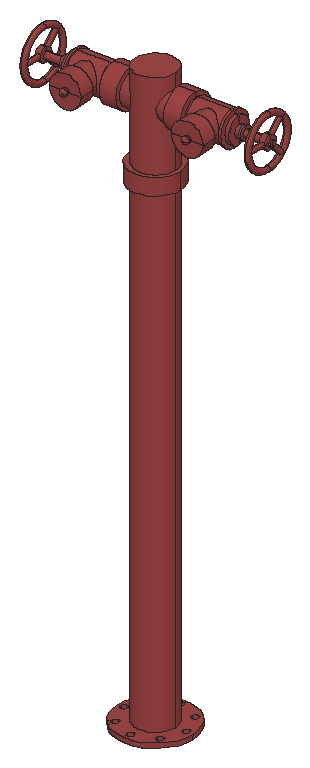
Revit family "FireFighting_Hydrant-Pipe-Riser-Kit_Galvin_100TEx1600", category Mechanical Equipment, Revit 2012
Parameters (values of type "381332")
  URL = "www.galvinengineering.com.au"
  Type Comments = "381332"
  StyleOrType_ANZRS = "Fire Fighting Equipment"
  ModifiedIssue_ANZRS = 20140330.01  # constant formula
  Model = "381332"
  Manufacturer = "Galvin Engineering"
  Keynote = "10520"
  Instructions = "http://www.galvinengineering.com.au/Installation_Guides_1.aspx"
  FlowRate = 0.00 L/s
  FilterObject_ANZRS = "381332"
  DimWidth = 668.0 mm  # constant formula
  DimHeight = 1182.0 mm  # constant formula
  DimDepth = 215.0 mm  # constant formula
  Description = "Hydrant Pipe Riser Kit with Roll Groove T-Head & Qld Valves & Caps 100TD x 1600 (Galv & Painted)"
  CreatedBy_ANZRS = "Galvin Engineering"
  CreatedByURL_ANZRS = "www.galvinengineering.com.au"
  CreatedByPhoneNo_ANZRS = "61-8-92495900"
  Assembly Code = "D4030"
Reference planes
  plane 1 "Center (Front/Back)": y = 0
  plane 2 "Ground": z = 0
  plane 3 "Center (Left/Right)": x = 0
  plane 4 "Workplane1": z = 1100
  plane 5 "Left": x = -334
  plane 6 "Right": x = 334
  plane 7 "Back": y = 107.5
  plane 8: y = -107.5
  plane 9 "Top": z = 1182
  plane 10 "Bottom": z = -500
Forms (mm)
  Extrusion 1, solid, material "Metal_Fire-Fighting_Zincalume-Steel-Powder-Coated_15400"
    sketch origin (0, 0, 0) x (1, 0, 0) y (0, 1, 0)
      loop
        circle (0, 0) r 57
    from -500 to 1182
  Extrusion 2, solid, material "Metal_Fire-Fighting_Zincalume-Steel-Powder-Coated_15400"
    sketch origin (0, 0, -500) x (-1, 0, 0) y (0, -1, 0)
      loop
        circle (0, 0) r 107.5
      loop
        circle (-0.402, -88.999) r 10
      loop
        circle (62.648, -63.216) r 10
      loop
        circle (-63.451, -63.216) r 10
      loop
        circle (-0.402, 88.999) r 10
      loop
        circle (62.648, 63.216) r 10
      loop
        circle (-63.451, 63.216) r 10
      loop
        circle (88.999, -0.402) r 10
      loop
        circle (-88.999, -0.402) r 10
    from 0 to 13
  Extrusion 3, solid, material "Metal_Fire-Fighting_Zincalume-Steel-Powder-Coated_15400"
    sketch origin (0, 0, 0) x (1, 0, 0) y (0, 1, 0)
      loop
        circle (0, 0) r 57
      loop
        circle (0, 0) r 71.5
    from 889 to 936
  Revolve 4, solid, material "Metal_Fire-Fighting_Zincalume-Steel-Powder-Coated_15400"
    sketch origin (0, 0, 0) x (1, 0, 0) y (0, 0, 1)
      loop
        line (-257.665, 1110.05) -> (-311.395, 1110.05) -> (-311.395, 1119.154) -> (-327.095, 1119.154) -> (-327.095, 1108.135) -> (-334, 1108.135) -> (-334, 1100) -> (334, 1100) -> (334, 1108.135) -> (327.095, 1108.135) -> (327.095, 1119.154) -> (311.395, 1119.154) -> (311.395, 1110.05) -> (257.665, 1110.05) -> (257.665, 1118.5) -> (251.665, 1118.5) -> (251.665, 1116.67) -> (238.1, 1116.67) -> (238.1, 1136.98) -> (226.1, 1136.98) -> (226.1, 1148.5) -> (219.6, 1148.5) -> (219.6, 1145.501) -> (122.952, 1145.501) -> (122.952, 1142.45) -> (115.153, 1142.45) -> (115.153, 1154.61) -> (68.153, 1154.61) -> (68.153, 1142.45) -> (65.765, 1142.45) -> (65.765, 1144.45) -> (-65.765, 1144.45) -> (-65.765, 1142.45) -> (-68.153, 1142.45) -> (-68.153, 1154.61) -> (-115.153, 1154.61) -> (-115.153, 1142.45) -> (-122.952, 1142.45) -> (-122.952, 1145.501) -> (-219.6, 1145.501) -> (-219.6, 1148.5) -> (-226.1, 1148.5) -> (-226.1, 1136.98) -> (-238.1, 1136.98) -> (-238.1, 1116.67) -> (-251.665, 1116.67) -> (-251.665, 1118.5) -> (-257.665, 1118.5) -> (-257.665, 1110.05)
      axis (334, 1100) -> (-334, 1100)
    angle from 0 to 360
  Revolve 5, solid, material "Metal_Fire-Fighting_Zincalume-Steel-Powder-Coated_15400"
    sketch origin (0, 0, 1100) x (-1, 0, 0) y (0, -1, 0)
      loop
        line (164.689, 103.268) -> (128.189, 103.268) -> (128.189, 63.268) -> (132.689, 63.268) -> (132.689, 17.344) -> (173.689, 17.344) -> (173.689, 118.268)
        arc (173.689, 118.268) -> (167.381, 115.688) -> (164.689, 109.427) r 9.001
        line (164.689, 109.427) -> (164.689, 103.268)
      axis (173.689, 17.344) -> (173.689, 118.268)
    angle from 0 to 360
  Revolve 6, solid, material "Metal_Fire-Fighting_Zincalume-Steel-Powder-Coated_15400"
    sketch origin (0, 0, 1100) x (1, 0, 0) y (0, -1, 0)
      loop
        line (164.689, 103.268) -> (128.189, 103.268) -> (128.189, 63.268) -> (132.689, 63.268) -> (132.689, 17.344) -> (173.689, 17.344) -> (173.689, 118.268)
        arc (173.689, 118.268) -> (167.381, 115.688) -> (164.689, 109.427) r 9.001
        line (164.689, 109.427) -> (164.689, 103.268)
      axis (173.689, 17.344) -> (173.689, 118.268)
    angle from 0 to 360
  Sweep 7, solid, material "Metal_Fire-Fighting_Zincalume-Steel-Powder-Coated_15400"
    path origin (-139.219, 0, 1246.8) x (0, 0, 1) y (0, 1, 0)
      loop
        circle (-146.8, 0) r 70
    profile origin (-139.219, 0, 1170) x (0, 0, -1) y (-1, 0, 0)
      loop
        circle (0, 180) r 7.5
  Extrusion 8, solid, material "Metal_Fire-Fighting_Zincalume-Steel-Powder-Coated_15400"
    sketch origin (-139.219, 0, 1246.8) x (0, 0, 1) y (-1, 0, 0)
      loop
        circle (-146.8, 180) r 7
    from 0 to 70
  Extrusion 9, solid, material "Metal_Fire-Fighting_Zincalume-Steel-Powder-Coated_15400"
    sketch origin (-139.219, 0, 1100) x (0, 0.707107, -0.707107) y (-1, 0, 0)
      loop
        circle (0, 180) r 7
    from 0 to 70
  Extrusion 10, solid, material "Metal_Fire-Fighting_Zincalume-Steel-Powder-Coated_15400"
    sketch origin (-139.219, 0, 1100) x (0, 0.707107, 0.707107) y (1, 0, 0)
      loop
        circle (0, -180) r 7
    from 0 to 70
  Sweep 11, solid, material "Metal_Fire-Fighting_Zincalume-Steel-Powder-Coated_15400"
    path origin (139.219, 0, 1246.8) x (0, 0, 1) y (0, -1, 0)
      loop
        circle (-146.8, 0) r 70
    profile origin (139.219, 0, 1170) x (0, 0, 1) y (1, 0, 0)
      loop
        circle (0, 180) r 7.5
  Extrusion 12, solid, material "Metal_Fire-Fighting_Zincalume-Steel-Powder-Coated_15400"
    sketch origin (139.219, 0, 1246.8) x (0, 0, 1) y (-1, 0, 0)
      loop
        circle (-146.8, -180) r 7
    from 0 to 70
  Extrusion 13, solid, material "Metal_Fire-Fighting_Zincalume-Steel-Powder-Coated_15400"
    sketch origin (139.219, 0, 1100) x (0, 0.707107, -0.707107) y (-1, 0, 0)
      loop
        circle (0, -180) r 7
    from 0 to 70
  Extrusion 14, solid, material "Metal_Fire-Fighting_Zincalume-Steel-Powder-Coated_15400"
    sketch origin (139.219, 0, 1100) x (0, 0.707107, 0.707107) y (1, 0, 0)
      loop
        circle (0, 180) r 7
    from 0 to 70
Cuts and joins
  joined: Extrusion 1, Extrusion 2, Revolve 4, Revolve 5, Revolve 6, Sweep 7, Extrusion 8, Extrusion 9, Extrusion 10
Lines and regions (mm)
  symbolic lines, detail levels medium+fine
    curve 1: line (-71.5, -300, 936) -> (-92.302, -300, 921.53)
    curve 2: line (-71.5, -300, 889) -> (-92.302, -300, 903.47)
    curve 3: arc (-92.302, -300, 903.47) -> (-97.021, -300, 912.5) -> (-92.302, -300, 921.53) r 11
    curve 4: circle (-85, -300, 912.5) r 8 normal (0, 1, 0)
    curve 5: line (71.5, -300, 936) -> (92.302, -300, 921.53)
    curve 6: line (71.5, -300, 889) -> (92.302, -300, 903.47)
    curve 7: arc (92.302, -300, 903.47) -> (97.021, -300, 912.5) -> (92.302, -300, 921.53) r 11
    curve 8: circle (85, -300, 912.5) r 8 normal (0, -1, 0)
    curve 9: line (-68.153, -300, 1154.61) -> (-79.683, -300, 1176.916)
    curve 10: line (-115.153, -300, 1154.61) -> (-103.624, -300, 1176.916)
    curve 11: arc (-103.624, -300, 1176.916) -> (-91.653, -300, 1183.656) -> (-79.683, -300, 1176.916) r 14
    curve 12: circle (-91.653, -300, 1171.429) r 8 normal (0, 1, 0)
    curve 13: line (-68.153, -300, 1045.39) -> (-79.683, -300, 1023.084)
    curve 14: line (-115.153, -300, 1045.39) -> (-103.624, -300, 1023.084)
    curve 15: arc (-103.624, -300, 1023.084) -> (-91.653, -300, 1016.344) -> (-79.683, -300, 1023.084) r 14
    curve 16: circle (-91.653, -300, 1028.571) r 8 normal (0, -1, 0)
    curve 17: line (68.153, -300, 1154.61) -> (79.683, -300, 1176.916)
    curve 18: line (115.153, -300, 1154.61) -> (103.624, -300, 1176.916)
    curve 19: arc (103.624, -300, 1176.916) -> (91.653, -300, 1183.656) -> (79.683, -300, 1176.916) r 14
    curve 20: circle (91.653, -300, 1171.429) r 8 normal (0, -1, 0)
    curve 21: line (68.153, -300, 1045.39) -> (79.683, -300, 1023.084)
    curve 22: line (115.153, -300, 1045.39) -> (103.624, -300, 1023.084)
    curve 23: arc (103.624, -300, 1023.084) -> (91.653, -300, 1016.344) -> (79.683, -300, 1023.084) r 14
    curve 24: circle (91.653, -300, 1028.571) r 8 normal (0, 1, 0)
    curve 25: line (-184.425, 0, 1145.3) -> (-184.425, 0, 1173)
    curve 26: arc (-182.425, 0, 1175) -> (-183.839, 0, 1174.414) -> (-184.425, 0, 1173) r 2
    curve 27: line (-182.425, 0, 1175) -> (-164.425, 0, 1175)
    curve 28: arc (-162.425, 0, 1173) -> (-163.011, 0, 1174.414) -> (-164.425, 0, 1175) r 2
    curve 29: line (-162.425, 0, 1173) -> (-162.425, 0, 1144.084)
    curve 30: line (-169.748, 0, 1173) -> (-169.748, 0, 1145.329)
    curve 31: line (-177.103, 0, 1145.372) -> (-177.103, 0, 1173)
    curve 32: arc (-175.103, 0, 1175) -> (-176.517, 0, 1174.414) -> (-177.103, 0, 1173) r 2
    curve 33: arc (-169.748, 0, 1173) -> (-170.334, 0, 1174.414) -> (-171.748, 0, 1175) r 2
    curve 34: line (-184.425, 0, 1054.7) -> (-184.425, 0, 1027)
    curve 35: arc (-182.425, 0, 1025) -> (-183.839, 0, 1025.586) -> (-184.425, 0, 1027) r 2
    curve 36: line (-182.425, 0, 1025) -> (-164.425, 0, 1025)
    curve 37: arc (-162.425, 0, 1027) -> (-163.011, 0, 1025.586) -> (-164.425, 0, 1025) r 2
    curve 38: line (-162.425, 0, 1027) -> (-162.425, 0, 1055.916)
    curve 39: line (-169.748, 0, 1027) -> (-169.748, 0, 1054.671)
    curve 40: line (-177.103, 0, 1054.628) -> (-177.103, 0, 1027)
    curve 41: arc (-175.103, 0, 1025) -> (-176.517, 0, 1025.586) -> (-177.103, 0, 1027) r 2
    curve 42: arc (-169.748, 0, 1027) -> (-170.334, 0, 1025.586) -> (-171.748, 0, 1025) r 2
    curve 43: line (184.425, 0, 1145.3) -> (184.425, 0, 1173)
    curve 44: arc (182.425, 0, 1175) -> (183.839, 0, 1174.414) -> (184.425, 0, 1173) r 2
    curve 45: line (182.425, 0, 1175) -> (164.425, 0, 1175)
    curve 46: arc (162.425, 0, 1173) -> (163.011, 0, 1174.414) -> (164.425, 0, 1175) r 2
    curve 47: line (162.425, 0, 1173) -> (162.425, 0, 1144.084)
    curve 48: line (169.748, 0, 1173) -> (169.748, 0, 1145.329)
    curve 49: line (177.103, 0, 1145.372) -> (177.103, 0, 1173)
    curve 50: arc (175.103, 0, 1175) -> (176.517, 0, 1174.414) -> (177.103, 0, 1173) r 2
    curve 51: arc (169.748, 0, 1173) -> (170.334, 0, 1174.414) -> (171.748, 0, 1175) r 2
    curve 52: line (184.425, 0, 1054.7) -> (184.425, 0, 1027)
    curve 53: arc (182.425, 0, 1025) -> (183.839, 0, 1025.586) -> (184.425, 0, 1027) r 2
    curve 54: line (182.425, 0, 1025) -> (164.425, 0, 1025)
    curve 55: arc (162.425, 0, 1027) -> (163.011, 0, 1025.586) -> (164.425, 0, 1025) r 2
    curve 56: line (162.425, 0, 1027) -> (162.425, 0, 1055.916)
    curve 57: line (169.748, 0, 1027) -> (169.748, 0, 1054.671)
    curve 58: line (177.103, 0, 1054.628) -> (177.103, 0, 1027)
    curve 59: arc (175.103, 0, 1025) -> (176.517, 0, 1025.586) -> (177.103, 0, 1027) r 2
    curve 60: arc (169.748, 0, 1027) -> (170.334, 0, 1025.586) -> (171.748, 0, 1025) r 2
Dimensions and locks
  plane 4 "Workplane1" to plane 2 "Ground" = 1100.0 mm
  "DimWidth": plane 5 "Left" to plane 6 "Right"
  "DimDepth": plane 8 to plane 7 "Back"
  "DimHeight": plane 9 "Top" to plane 2 "Ground"
  plane 2 "Ground" to plane 10 "Bottom" = 500.0 mm
  aligned and locked: plane 2 "Ground" to level
  aligned and locked: Extrusion 1 to plane 10 "Bottom"
  aligned and locked: Extrusion 1 to plane 9 "Top"
  aligned and locked: plane 5 "Left" to Revolve 4 sketch curve
  aligned and locked: plane 4 "Workplane1" to Revolve 4 sketch curve
Automatic sketch dimensions
  plane 1 "Center (Front/Back)" to Extrusion 1 sketch curve = 0.0 mm
  Extrusion 1 sketch curve to plane 3 "Center (Left/Right)" = 0.0 mm
  plane 1 "Center (Front/Back)" to Extrusion 2 sketch curve = 0.0 mm
  Extrusion 2 sketch curve to plane 3 "Center (Left/Right)" = 0.0 mm
  plane 3 "Center (Left/Right)" to Extrusion 2 sketch curve = 0.402 mm  (x2)
  plane 3 "Center (Left/Right)" to Extrusion 2 sketch curve = 63.451 mm  (x2)
  Extrusion 2 sketch curve to plane 1 "Center (Front/Back)" = 0.402 mm  (x2)
  Extrusion 2 sketch curve to Extrusion 2 sketch curve = 25.548 mm
  Extrusion 2 sketch curve to plane 3 "Center (Left/Right)" = 62.648 mm  (x2)
  Extrusion 2 sketch curve to Extrusion 2 sketch curve = 26.351 mm
  plane 7 "Back" to Extrusion 2 sketch curve = 44.284 mm  (x2)
  plane 7 "Back" to Extrusion 2 sketch curve = 18.501 mm
  plane 8 to Extrusion 2 sketch curve = 44.284 mm  (x2)
  plane 8 to Extrusion 2 sketch curve = 18.501 mm
  Extrusion 3 sketch curve to Extrusion 3 sketch curve = 0.0 mm  (x2)
  plane 1 "Center (Front/Back)" to Extrusion 3 sketch curve = 0.0 mm
  Extrusion 3 sketch curve to plane 3 "Center (Left/Right)" = 0.0 mm
  plane 8 to Revolve 5 sketch curve = 4.232 mm
  Revolve 5 sketch curve to plane 3 "Center (Left/Right)" = 128.189 mm
  plane 1 "Center (Front/Back)" to Revolve 5 sketch curve = 17.344 mm
  Revolve 5 sketch curve to Revolve 5 sketch curve = 4.5 mm
  Revolve 5 sketch curve to plane 8 = 1.927 mm
  Revolve 5 sketch curve to Revolve 5 sketch curve = 36.5 mm
  Revolve 5 sketch curve to Revolve 5 sketch curve = 9.0 mm
  Revolve 5 sketch curve to Revolve 5 sketch curve = 41.0 mm
  Revolve 5 sketch curve to Revolve 5 sketch curve = 40.0 mm
  Revolve 5 sketch curve to Revolve 5 sketch curve = 0.0 mm
  Revolve 5 sketch curve to plane 8 = 1.766 mm
  Revolve 5 sketch curve to Revolve 5 sketch curve = 25.0 mm
  Revolve 6 sketch curve to plane 8 = 4.232 mm
  Revolve 6 sketch curve to plane 3 "Center (Left/Right)" = 128.189 mm
  Revolve 6 sketch curve to plane 1 "Center (Front/Back)" = 17.344 mm
  Revolve 6 sketch curve to Revolve 6 sketch curve = 4.5 mm
  plane 8 to Revolve 6 sketch curve = 1.927 mm
  Revolve 6 sketch curve to Revolve 6 sketch curve = 36.5 mm
  Revolve 6 sketch curve to Revolve 6 sketch curve = 9.0 mm
  Revolve 6 sketch curve to Revolve 6 sketch curve = 41.0 mm
  Revolve 6 sketch curve to Revolve 6 sketch curve = 40.0 mm
  Revolve 6 sketch curve to Revolve 6 sketch curve = 0.0 mm
  plane 8 to Revolve 6 sketch curve = 1.766 mm
  Revolve 6 sketch curve to Revolve 6 sketch curve = 25.0 mm
  Sweep 7 sketch curve to plane 1 "Center (Front/Back)" = 0.0 mm
  Sweep 7 sketch curve to plane 4 "Workplane1" = 0.0 mm
  Sweep 7 sketch curve to profile plane = 0.0 mm
  profile plane to Sweep 7 sketch curve = 180.0 mm
  Extrusion 8 sketch curve to plane 4 "Workplane1" = 0.0 mm
  Extrusion 8 sketch curve to plane 5 "Left" = 14.78 mm
  Extrusion 9 sketch curve to plane 5 "Left" = 14.78 mm
  Extrusion 10 sketch curve to plane 5 "Left" = 14.78 mm
  Sweep 11 sketch curve to plane 1 "Center (Front/Back)" = 0.0 mm
  Sweep 11 sketch curve to plane 4 "Workplane1" = 0.0 mm
  Sweep 11 sketch curve to profile plane = 0.0 mm
  profile plane to Sweep 11 sketch curve = 180.0 mm
  Extrusion 12 sketch curve to plane 4 "Workplane1" = 0.0 mm
  Extrusion 12 sketch curve to plane 6 "Right" = 14.78 mm
  Extrusion 13 sketch curve to plane 6 "Right" = 14.78 mm
  Extrusion 14 sketch curve to plane 6 "Right" = 14.78 mm
  plane 9 "Top" to curve 25 = 36.7 mm
  curve 25 to plane 5 "Left" = 149.575 mm
  curve 35 to plane 4 "Workplane1" = 73.0 mm
  curve 25 to curve 35 = 0.0 mm
  curve 35 to curve 35 = 2.0 mm
  curve 26 to curve 26 = 2.0 mm
  curve 34 to curve 40 = 7.323 mm
  curve 25 to curve 31 = 7.323 mm
  curve 31 to curve 32 = 2.0 mm
  curve 40 to curve 41 = 2.0 mm
  curve 41 to curve 42 = 3.355 mm
  curve 32 to curve 33 = 3.355 mm
  curve 33 to curve 33 = 2.0 mm
  curve 42 to curve 42 = 2.0 mm
  curve 30 to curve 27 = 5.323 mm
  curve 39 to curve 37 = 5.323 mm
  curve 37 to curve 37 = 2.0 mm
  curve 28 to curve 28 = 2.0 mm
  plane 9 "Top" to curve 47 = 9.0 mm
  plane 3 "Center (Left/Right)" to curve 47 = 162.425 mm
  curve 47 to curve 55 = 0.0 mm
  curve 46 to curve 46 = 2.0 mm
  curve 55 to curve 54 = 2.0 mm
  curve 47 to curve 48 = 7.323 mm
  curve 55 to curve 57 = 5.323 mm
  curve 48 to curve 51 = 2.0 mm
  curve 60 to curve 60 = 2.0 mm
  curve 51 to curve 50 = 3.355 mm
  curve 60 to curve 59 = 3.355 mm
  curve 50 to curve 49 = 2.0 mm
  curve 59 to curve 59 = 2.0 mm
  curve 59 to curve 53 = 5.323 mm
  curve 50 to curve 44 = 5.323 mm
  curve 53 to curve 53 = 2.0 mm
  curve 44 to curve 44 = 2.0 mm
  curve 60 to plane 4 "Workplane1" = 75.0 mm
  curve 59 to curve 58 = 27.628 mm
  curve 40 to curve 40 = 27.628 mm
  curve 58 to curve 57 = 0.043 mm
  curve 40 to curve 39 = 0.043 mm
  curve 58 to curve 52 = 0.072 mm
  curve 40 to curve 34 = 0.072 mm
  curve 57 to curve 56 = 1.245 mm
  curve 39 to curve 38 = 1.245 mm
  curve 29 to curve 25 = 1.216 mm
  curve 47 to curve 46 = 28.916 mm
  curve 47 to curve 43 = 1.216 mm
  curve 29 to curve 30 = 1.245 mm
  curve 47 to curve 48 = 1.245 mm
  curve 25 to curve 31 = 0.072 mm
  curve 43 to curve 49 = 0.072 mm
  plane 9 "Top" to curve 28 = 9.0 mm
  curve 10 to plane 9 "Top" = 27.39 mm
  plane 3 "Center (Left/Right)" to curve 10 = 115.153 mm
  plane 4 "Workplane1" to curve 14 = 54.61 mm
  curve 14 to curve 10 = 0.0 mm
  curve 11 to plane 9 "Top" = 5.084 mm  (x2)
  curve 10 to curve 11 = 11.53 mm
  curve 14 to curve 15 = 11.53 mm
  plane 3 "Center (Left/Right)" to curve 3 = 92.302 mm
  curve 2 to curve 1 = 0.0 mm
  curve 15 to curve 15 = 11.97 mm
  curve 10 to curve 12 = 11.97 mm
  curve 11 to curve 12 = 0.0 mm
  curve 16 to curve 15 = 0.0 mm
  curve 3 to curve 3 = 6.281 mm
  curve 3 to curve 4 = 1.021 mm
  curve 16 to curve 15 = 11.97 mm
  curve 3 to curve 2 = 20.802 mm
  curve 3 to curve 1 = 20.802 mm
  curve 15 to curve 13 = 11.53 mm
  curve 9 to plane 9 "Top" = 27.39 mm
  curve 9 to curve 9 = 11.53 mm
  curve 17 to plane 9 "Top" = 27.39 mm
  curve 17 to plane 3 "Center (Left/Right)" = 68.153 mm
  curve 21 to plane 3 "Center (Left/Right)" = 68.153 mm
  curve 6 to plane 3 "Center (Left/Right)" = 71.5 mm
  curve 6 to curve 5 = 0.0 mm
  curve 21 to curve 21 = 11.53 mm
  curve 19 to plane 9 "Top" = 5.084 mm  (x2)
  curve 17 to curve 19 = 11.53 mm
  curve 5 to curve 8 = 13.5 mm
  curve 8 to curve 7 = 1.021 mm
  curve 19 to curve 20 = 11.97 mm
  curve 23 to curve 23 = 11.97 mm
  curve 19 to curve 20 = 0.0 mm
  curve 24 to curve 23 = 0.0 mm
  curve 7 to curve 7 = 6.281 mm
  curve 7 to curve 6 = 6.281 mm
  plane 4 "Workplane1" to curve 22 = 76.916 mm
  curve 24 to curve 22 = 11.97 mm
  plane 4 "Workplane1" to curve 22 = 54.61 mm
  curve 23 to curve 22 = 11.53 mm
  curve 18 to plane 9 "Top" = 27.39 mm
  curve 19 to curve 18 = 11.53 mm
  curve 1 to curve 14 = 109.39 mm
  curve 5 to curve 23 = 87.084 mm
  curve 5 to curve 5 = 14.47 mm
  curve 1 to curve 1 = 14.47 mm
  curve 3 to curve 3 = 9.03 mm
  curve 7 to curve 5 = 9.03 mm
  curve 8 to curve 7 = 0.0 mm
  curve 4 to curve 3 = 0.0 mm
  curve 6 to curve 6 = 14.47 mm
  curve 2 to curve 3 = 14.47 mm
  curve 14 to curve 14 = 22.306 mm
  curve 22 to curve 24 = 5.487 mm
  curve 15 to curve 16 = 5.487 mm
  curve 24 to curve 23 = 1.774 mm
  curve 16 to curve 15 = 1.774 mm
  curve 21 to curve 21 = 22.306 mm
  curve 15 to curve 13 = 22.306 mm
  curve 11 to plane 9 "Top" = 12.344 mm
  curve 19 to plane 9 "Top" = 12.344 mm
  curve 11 to curve 12 = 1.774 mm
  curve 19 to curve 20 = 1.774 mm
  Revolve 4 sketch curve to plane 4 "Workplane1" = 0.0 mm
  Revolve 4 sketch curve to plane 6 "Right" = 0.0 mm
  Revolve 4 sketch curve to Revolve 4 sketch curve = 45.0 mm
  Revolve 4 sketch curve to plane 5 "Left" = 6.905 mm
  Revolve 4 sketch curve to Revolve 4 sketch curve = 15.7 mm
  Revolve 4 sketch curve to Revolve 4 sketch curve = 37.395 mm
  Revolve 4 sketch curve to Revolve 4 sketch curve = 16.335 mm
  Revolve 4 sketch curve to Revolve 4 sketch curve = 6.0 mm  (x2)
  Revolve 4 sketch curve to Revolve 4 sketch curve = 13.565 mm  (x2)
  Revolve 4 sketch curve to Revolve 4 sketch curve = 12.0 mm  (x2)
  Revolve 4 sketch curve to Revolve 4 sketch curve = 6.5 mm  (x2)
  plane 9 "Top" to Revolve 4 sketch curve = 39.55 mm  (x4)
  Revolve 4 sketch curve to Revolve 4 sketch curve = 96.648 mm  (x2)
  Revolve 4 sketch curve to Revolve 4 sketch curve = 7.799 mm  (x2)
  Revolve 4 sketch curve to Revolve 4 sketch curve = 47.0 mm  (x2)
  Revolve 4 sketch curve to Revolve 4 sketch curve = 2.388 mm  (x2)
  plane 3 "Center (Left/Right)" to Revolve 4 sketch curve = 65.765 mm
  plane 9 "Top" to Revolve 4 sketch curve = 33.5 mm
  plane 4 "Workplane1" to Revolve 4 sketch curve = 10.05 mm  (x2)
  Revolve 4 sketch curve to plane 6 "Right" = 22.605 mm
  Revolve 4 sketch curve to plane 6 "Right" = 6.905 mm
  plane 4 "Workplane1" to Revolve 4 sketch curve = 8.135 mm  (x2)
  plane 4 "Workplane1" to Revolve 4 sketch curve = 16.67 mm  (x2)
  Revolve 4 sketch curve to Revolve 4 sketch curve = 1.83 mm  (x2)
  Revolve 4 sketch curve to Revolve 4 sketch curve = 9.104 mm
  Revolve 4 sketch curve to Revolve 4 sketch curve = 11.018 mm
  Revolve 4 sketch curve to Revolve 4 sketch curve = 20.31 mm
  Revolve 4 sketch curve to Revolve 4 sketch curve = 11.52 mm
  Revolve 4 sketch curve to Revolve 4 sketch curve = 2.0 mm
  Revolve 4 sketch curve to Revolve 4 sketch curve = 3.051 mm  (x2)
  Revolve 4 sketch curve to Revolve 4 sketch curve = 2.999 mm
  Revolve 4 sketch curve to Revolve 4 sketch curve = 9.109 mm  (x2)
  radius of Extrusion 1 sketch curve = 57.0 mm
  radius of Extrusion 2 sketch curve = 107.5 mm
  radius of Extrusion 2 sketch curve = 10.0 mm  (x8)
  radius of Extrusion 3 sketch curve = 57.0 mm
  radius of Extrusion 3 sketch curve = 71.5 mm
  radius of Sweep 7 sketch curve = 70.0 mm
  radius of Sweep 7 sketch curve = 7.5 mm
  radius of Extrusion 8 sketch curve = 7.0 mm
  radius of Extrusion 9 sketch curve = 7.0 mm
  radius of Extrusion 10 sketch curve = 7.0 mm
  radius of Sweep 11 sketch curve = 70.0 mm
  radius of Sweep 11 sketch curve = 7.5 mm
  radius of Extrusion 12 sketch curve = 7.0 mm
  radius of Extrusion 13 sketch curve = 7.0 mm
  radius of Extrusion 14 sketch curve = 7.0 mm
  radius of curve 4 = 8.0 mm
  radius of curve 8 = 8.0 mm
  radius of curve 12 = 8.0 mm
  radius of curve 16 = 8.0 mm
  radius of curve 20 = 8.0 mm
  radius of curve 24 = 8.0 mm
Connectors
  piping at (0, 0, -500)
    settings: on cut or joined group 1 (Extrusion 1, Extrusion 2, Revolve 4, Revolve 5, Revolve 6, Sweep 7, Extrusion 8, Extrusion 9, Extrusion 10), index 1, connector radius 50 mm, flow factor 0, pipe flow 0.00 L/s, pressure drop 0.0 Pa, fitting loss kfactor 0, connector angle 0.00°, fixture units 0, engagement length 0.0 mm, flow configuration 2, flow direction 1, fitting loss method 4, system type 23, joint type 0, gender type 0, connector reference index -1, connector utility 0, adjustable connector no, is connector primary yes, fitting loss table "", connector description "Inlet"
  piping at (-173.689, -103.268, 1100)
    settings: on cut or joined group 1, index 2, connector radius 40 mm, flow factor 0, pipe flow 0.00 L/s, pressure drop 0.0 Pa, fitting loss kfactor 0, connector angle 0.00°, fixture units 0, engagement length 0.0 mm, flow configuration 2, flow direction 2, fitting loss method 4, system type 23, joint type 0, gender type 0, connector reference index -1, connector utility 0, adjustable connector no, is connector primary no, fitting loss table "", connector description "Outlet"
  piping at (173.689, -103.268, 1100)
    settings: on cut or joined group 1, index 3, connector radius 40 mm, flow factor 0, pipe flow 0.00 L/s, pressure drop 0.0 Pa, fitting loss kfactor 0, connector angle 0.00°, fixture units 0, engagement length 0.0 mm, flow configuration 2, flow direction 2, fitting loss method 4, system type 23, joint type 0, gender type 0, connector reference index -1, connector utility 0, adjustable connector no, is connector primary no, fitting loss table "", connector description "Outlet"
